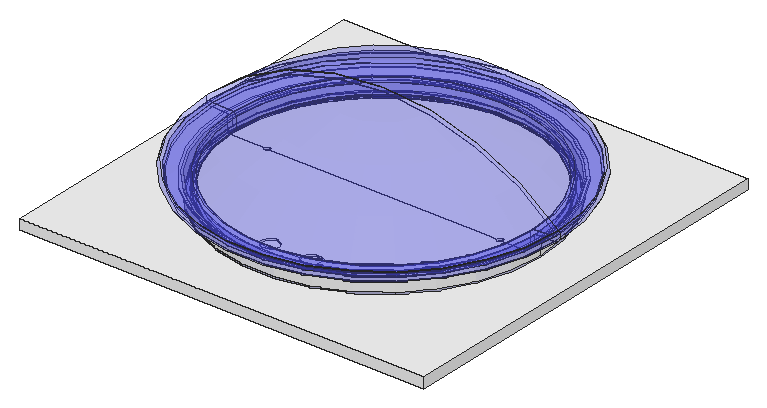
Revit family "BE_12141_de_DE", category Leuchten, Revit 2020
Family settings
  Basisbauteil = Fläche
  Bemaßung runder Anschluss = Durchmesser verwenden
  Teiletyp = Normal
  Beim Laden mit Abzugskörper schneiden = Ja
  Lichtquelle = Ja
  Gemeinsam genutzt = Nein
  Raumberechnungspunkt = Ja
Parameters (values of type "BEGA_12141_K3")
  built-in parameter 1150104 = 12.124 (stored number, unit not read)
  Wattage = 26.9 W
  Default Elevation = 0 mm
  built-in parameter 1150113 = 1 (stored number, unit not read)
  built-in parameter 1114218 = 1 (stored number, unit not read)
  Umgebungstemperatur = "25 °C"
  URL = "https://www.bega.com/de/produkt/12141"
  Typenkommentare = "© 2022 BEGA. Wir behalten uns das Recht vor, technische Änderungen ohne vorherige Ankündigung vorzunehmen."  # constant formula
  built-in parameter 1150134 = 12
  built-in parameter 1150109 = 1 (stored number, unit not read)
  Strom = ""
  built-in parameter 1150110 = 1 (stored number, unit not read)
  Spannung = 239.996 V
  Sonderanfertigung = no
  Seriennummer [instance] = "Hier können Sie die eindeutige Seriennummer für das Facility Management eintragen."
  Schutzklasse = "I"
  Schutzart = "IP 20"
  Scheinlast = 0 VA
  Produktdatenblatt = "http://www.bega.de/download/Xrfa/db/12141.db.de.pdf"
  Oberflächentemperatur = ""
  Neigungswinkel = 0.00°
  Model = "12141K4"
  Material_17 = BEGA_Reflektor
  Material_15 = BEGA_Leuchtmedium_matt
  Material_11 = BEGA_Glas_opal
  Material_09 = BEGA_Glas_klar
  Material_06 = BEGA_Oberfläche_Edelstahl_gebürstet
  Material_03 = BEGA_Oberfläche_Weiss_matt
  Material_02 = BEGA_Oberfläche_Silber_matt
  Material_01 [instance] = BEGA_Oberfläche_Grafit_matt
  M_W = no
  M_G = no
  M_A = no
  Logo = 0
  built-in parameter 1114217 = 1 (stored number, unit not read)
  built-in parameter 1150139 = (empty or 0)
  built-in parameter 1150105 = 984.85 (stored number, unit not read)
  built-in parameter 1150114 = 1 (stored number, unit not read)
  Lumens = 3510.45 lm
  built-in parameter 1150115 = 1 (stored number, unit not read)
  Leuchtenlichtstrom = "2296 lm"
  Leuchtenanzahl = ""
  Lebensdauerkriterien = "L70B50 @ 25 °C = 171000 h"
  Lastklassifizierung = Beleuchtung
  built-in parameter 1150112 = 1 (stored number, unit not read)
  Lampenlichtstrom = "3510 lm"
  Lamp = "LED 26.9 W"
  LED_Modulbezeichnung = "LED-0510/940"
  Hersteller = "BEGA"  # constant formula
  Halbstreuwinkel = ""
  Gewicht = "2.75 kg"
  Gebrauchslageneinschränkung [instance] = ""
  Frequenz = "0/50-60 Hz"
  Farbwiedergabeindex = "CRI > 90"
  Farbtemperaturverschiebung bei Dämpfen der Lampe = <Keine Auswahl>
  Farbtemperatur = "4000 K"
  Color Filter = 16777215
  built-in parameter 1150133 = 10 (stored number, unit not read)
  Energieeffizienzklasse = "LED A++ - A"
  built-in parameter 1150137 = (empty or 0)
  built-in parameter 1150132 = (empty or 0)
  ENEC = "ja"
  Dimmbar [instance] = "DALI"
  Photometric Web File = "BE_12141K4.IES"
  CE_Konformität = "ja"
  Bestellnummer = "12141K4"
  Beschreibung_Sonderanfertigung = "Hier können Sie Informationen zur Sonderanfertigung eintragen."
  Beschreibung = "Decken- und Wandleuchte"
  built-in parameter 1150106 = 9.8485 (stored number, unit not read)
  Befestigungsbohrung = "Ø 5,5 mm"
  Befestigungsabstand = "230 mm"
  Ballwurfsicher = ""
  BEGA_Intern_aus = yes
  BEGA_Intern_an = yes
  BEGA_Intern_Konstruktion = yes
  BEGA_Intern = yes
  BEGA_IES = yes
  BEGA_Dummy = no
  Anschlussleitung = ""
  Anschlussleistung [instance] = "30 W"
  Anschlusskasten = ""
  built-in parameter 1150107 = 4000 (stored number, unit not read)
  built-in parameter 1150102 = (empty or 0)
  built-in parameter 1150138 = (empty or 0)
  Aktualisierung = "2020-07-27T04:00:12"
  Abstand_zur_angestrahlten_Fläche [instance] = ""
  AC/DC = "AC/DC"
Types (2, lengths in mm): name | built-in parameter 1150104 | built-in parameter 1150134 | Model | built-in parameter 1150105 | Lumens | Leuchtenlichtstrom | Lampenlichtstrom | LED_Modulbezeichnung | Farbtemperatur | Photometric Web File | Bestellnummer | built-in parameter 1150106 | built-in parameter 1150107
  BEGA_12141_K3 | 11.687 (stored number, unit not read) | (empty or 0) | "12141K3" | 949.36 (stored number, unit not read) | 3384.02 lm | "2598 lm" | "3970 lm" | "LED-0510/930" | "3000 K" | "BE_12141K3.IES" | "12141K3" | 9.4936 (stored number, unit not read) | 3000 (stored number, unit not read)
  BEGA_12141_K27 | 12.124 (stored number, unit not read) | 12 | "12141K27" | 984.85 (stored number, unit not read) | 3510.45 lm | "2516 lm" | "3845 lm" | "LED-0510/927" | "2700 K" | "BE_12141K27.IES" | "12141K27" | 9.8485 (stored number, unit not read) | 4000 (stored number, unit not read)
Reference planes
  plane 1 "Mitte (Vorne/Hinten)": y = 0
  plane 2: z = 0
  plane 3 "Mitte (Links/Rechts)": x = 0
  plane 4 "Links": x = -175.231
  plane 5 "Rechts": x = 175.231
  plane 6 "Unten": y = -175.2
  plane 7 "Oben": y = 175.2
  plane 8 "Vorne": z = 98.4
  plane 9 "Hinten": z = 0
Forms (mm)
  Extrusion 1, solid, material "BEGA_Platte_Weiss"
    sketch origin (0, -1119.2, 0) x (1, 0, 0) y (0, 1, 0)
      loop
        line (-200, 1319.2) -> (-200, 919.2) -> (200, 919.2) -> (200, 1319.2) -> (-200, 1319.2)
    from 0 to -10
  Extrusion 2, solid, material "BEGA_Dummy_matt", visible <- "BEGA_Dummy"
    sketch origin (77.149, -76.023, 0) x (1, 0, 0) y (0, 1, 0)
      loop
        circle (-77.149, 76.023) r 175
    from 0 to 98.4
Dimensions and locks
  plane 1 "Mitte (Vorne/Hinten)" to Extrusion 1 = 200 mm
  aligned and locked: plane 2 to Extrusion 1
  aligned and locked: level to Extrusion 1
Nested families
  nested 1: "BE_12141" at (0, 0, 0) x (0, -1, 0) z (0, 0, 1), type "BE_12141"
Connectors
  electrical at (0, 0, 0), driven by "Lastklassifizierung", driven by "Spannung", driven by "Scheinlast"
    settings: index 1, voltage 239.996 V, apparent load 0 VA, apparent load phase1 0 VA, apparent load phase2 0 VA, apparent load phase3 0 VA, power factor 1, load classification "Beleuchtung", number of poles 1, system type 31, power factor state 1, is connector primary yes, connector utility no, sub classification motor no, connector description ""
Definition of nested family "BE_12141"
  Parameters (values of type "BE_12141")
    Default Elevation = 1 mm
    URL = "http://www.bega.de/de/produkt"
    Type Comments = "© 2015 BEGA. Wir behalten uns das Recht vor, technische Änderungen ohne vorherige Ankündigung vorzunehmen. "  # constant formula
    Type Image = (empty or 0)
    Neigungswinkel_um_Z2 = 0.00°
    Neigungswinkel_um_Z1 = 0.00°
    Neigungswinkel_um_Y2 = 0.00°
    Neigungswinkel_um_Y1 = 0.00°
    Neigungswinkel_um_X2 = 0.00°
    Neigungswinkel_um_X1 = 0.00°
    Material_17 = none
    Material_15 = none
    Material_11 = none
    Material_09 = none
    Material_06 = none
    Material_05 = none
    Material_03 = none
    Material_02 = none
    Material_01 = none
    M_W = yes
    M_G = yes
    M_A = yes
    Länge_Platte = 500 mm  # constant formula
    Höhe_Platte = -10 mm  # constant formula
    Manufacturer = "BEGA"  # constant formula
    Drehwinkel_um_Z2 = 0.00°
    Drehwinkel_um_Z1 = 0.00°
    Breite_Platte = 500 mm  # constant formula
  Reference planes
    plane 1 "Mitte (Oben/Unten)": y = 0
    plane 2: z = 0
    plane 3 "Mitte (Links/Rechts)": x = 0
    plane 4: y = 175.231
    plane 5: z = 98.4
    plane 6: y = -175.231
    plane 7: x = -175.2
    plane 8: x = 175.2
  Forms (mm)
    Extrusion 1, solid, detail levels medium
      sketch origin (0, 0, 0) x (1, 0, 0) y (0, 1, 0)
        loop
          line (-250, 250) -> (-250, -250) -> (250, -250) -> (250, 250) -> (-250, 250)
      from 0 to -10 <- "Höhe_Platte"
    Revolve 2, solid, material <- "Material_03", detail levels medium+fine
      sketch origin (0, 0, 0) x (0, 1, 0) y (0, 0, 1)
        loop
          line (159, 19.8) -> (159, 20.8) -> (156.831, 20.8)
          arc (156.831, 20.8) -> (155.563, 20.284) -> (155.024, 19.025) r 1.8
          line (155.024, 19.025) -> (154.767, 4.283)
          arc (154.767, 4.283) -> (154.468, 3.587) -> (153.767, 3.3) r 1
          line (153.767, 3.3) -> (0, 3.3) -> (0, 2.3) -> (153.767, 2.3)
          arc (153.767, 2.3) -> (155.169, 2.873) -> (155.767, 4.265) r 2
          line (155.767, 4.265) -> (156.024, 19.01)
          arc (156.024, 19.01) -> (156.264, 19.571) -> (156.829, 19.8) r 0.8
          line (156.829, 19.8) -> (159, 19.8)
        axis (0, 2.3) -> (0, 20.8)
      angle from 0 to 360
    Revolve 3, solid, material <- "Material_03", detail levels medium+fine
      sketch origin (0, 0, 0) x (0, 1, 0) y (0, 0, 1)
        loop
          arc (124.13, 1.943) -> (124.474, 2.206) -> (124.896, 2.3) r 1
          line (124.896, 2.3) -> (125.896, 3.3) -> (117.75, 3.3) -> (117.75, 0) -> (121.108, 0)
          arc (121.108, 0) -> (122.369, 0.281) -> (123.395, 1.067) r 3
          line (123.395, 1.067) -> (124.13, 1.943)
        axis (115, 3.3) -> (115, 0)
      angle from 0 to 360
    Revolve 4, solid, material <- "Material_03", detail levels medium+fine
      sketch origin (0, 0, 0) x (0, -1, 0) y (0, 0, 1)
        loop
          arc (124.13, 1.943) -> (124.474, 2.206) -> (124.896, 2.3) r 1
          line (124.896, 2.3) -> (125.896, 3.3) -> (117.75, 3.3) -> (117.75, 0) -> (121.108, 0)
          arc (121.108, 0) -> (122.369, 0.281) -> (123.395, 1.067) r 3
          line (123.395, 1.067) -> (124.13, 1.943)
        axis (115, 3.3) -> (115, 0)
      angle from 0 to 360
    Extrusion 5, void
      sketch origin (0, 0, 0) x (1, 0, 0) y (0, 1, 0)
        loop
          circle (115, 20) r 8.5
        loop
          circle (115, -20) r 8.5
        loop
          circle (0, 115) r 2.75
        loop
          circle (0, -115) r 2.75
      from 1.096 to 7.205
    Revolve 6, solid, material <- "Material_11", detail levels medium+fine
      sketch origin (0, 0, 0) x (0, 1, 0) y (0, 0, 1)
        loop
          line (153.75, 4.9) -> (153.75, 8.389)
          arc (153.75, 8.389) -> (153.616, 8.889) -> (153.25, 9.256) r 1
          line (153.25, 9.256) -> (149.499, 11.421)
          arc (149.499, 11.421) -> (149.133, 11.787) -> (149, 12.287) r 1
          line (149, 12.287) -> (149, 19.451)
          arc (149, 19.451) -> (149.277, 20.142) -> (149.956, 20.45) r 1
          line (149.956, 20.45) -> (169.559, 21.477)
          arc (169.559, 21.477) -> (174.894, 25.484) -> (173.228, 31.944) r 6
          arc (173.228, 31.944) -> (92.769, 81.216) -> (0, 98.4) r 258.999
          line (0, 98.4) -> (0, 94.4)
          arc (0, 94.4) -> (91.33, 77.483) -> (170.543, 28.978) r 255
          arc (170.543, 28.978) -> (171.123, 26.82) -> (169.341, 25.472) r 2
          line (169.341, 25.472) -> (148.791, 24.394)
          arc (148.791, 24.394) -> (146.425, 23.461) -> (145.1, 21.289) r 4
          line (145.1, 21.289) -> (145.1, 11.074)
          arc (145.1, 11.074) -> (145.5, 9.577) -> (146.592, 8.479) r 3.001
          line (146.592, 8.479) -> (148.263, 7.514)
          arc (148.263, 7.514) -> (149.358, 6.407) -> (149.75, 4.9) r 3.002
          line (149.75, 4.9) -> (153.75, 4.9)
        axis (0, 98.4) -> (0, 4.9)
      angle from 0 to 360
  Cuts and joins
    Extrusion 5 cuts Revolve 2
    Extrusion 5 cuts Revolve 3
    Extrusion 5 cuts Revolve 4
    joined: Revolve 2, Revolve 3, Revolve 4
  Dimensions and locks
    equal spacing: Extrusion 1 sketch curve, plane 3 "Mitte (Links/Rechts)", Extrusion 1 sketch curve
    equal spacing: Extrusion 1 sketch curve, plane 1 "Mitte (Oben/Unten)", Extrusion 1 sketch curve
    "Länge_Platte": Extrusion 1 sketch curve to Extrusion 1 sketch curve
    "Breite_Platte": Extrusion 1 sketch curve to Extrusion 1 sketch curve
    aligned and locked: Extrusion 1 to plane 2
    aligned and locked: level to Extrusion 1
  Automatic sketch dimensions
    Revolve 3 sketch curve to level = 0 mm
    level to Revolve 3 sketch curve = 3.3 mm
    Revolve 3 sketch curve to Revolve 3 sketch curve = 3.351 mm
    Revolve 3 sketch curve to Revolve 3 sketch curve = 0.007 mm
    level to Revolve 3 sketch curve = 1.067 mm
    Revolve 3 sketch curve to Revolve 3 sketch curve = 2.287 mm
    level to Revolve 3 sketch curve = 2.3 mm
    Revolve 3 sketch curve to Revolve 3 sketch curve = 1.501 mm
    Revolve 3 sketch curve to Revolve 3 sketch curve = 0 mm  (x2)
    Revolve 3 sketch curve to Revolve 3 sketch curve = 1 mm  (x2)
    Revolve 3 sketch curve to Revolve 3 sketch curve = 2.75 mm
    level to Revolve 3 sketch curve = 1.943 mm
    Revolve 3 sketch curve to Revolve 3 sketch curve = 0.766 mm
    Revolve 3 sketch curve to level = 2.001 mm
    Revolve 3 sketch curve to Revolve 3 sketch curve = 2 mm
    Revolve 4 sketch curve to level = 0 mm
    Revolve 4 sketch curve to level = 3.3 mm
    Revolve 4 sketch curve to Revolve 4 sketch curve = 3.351 mm
    Revolve 4 sketch curve to Revolve 4 sketch curve = 0.007 mm
    Revolve 4 sketch curve to level = 1.067 mm
    Revolve 4 sketch curve to Revolve 4 sketch curve = 2.287 mm
    Revolve 4 sketch curve to level = 2.3 mm
    Revolve 4 sketch curve to Revolve 4 sketch curve = 1.501 mm
    Revolve 4 sketch curve to Revolve 4 sketch curve = 0 mm  (x2)
    Revolve 4 sketch curve to Revolve 4 sketch curve = 1 mm  (x2)
    Revolve 4 sketch curve to Revolve 4 sketch curve = 2.75 mm
    Revolve 4 sketch curve to level = 1.943 mm
    Revolve 4 sketch curve to Revolve 4 sketch curve = 0.766 mm
    level to Revolve 4 sketch curve = 2.001 mm
    Revolve 4 sketch curve to Revolve 4 sketch curve = 2 mm
    Revolve 3 sketch curve to plane 1 "Mitte (Oben/Unten)" = 117.75 mm
    Revolve 4 sketch curve to plane 1 "Mitte (Oben/Unten)" = 117.75 mm
    Revolve 2 sketch curve to Revolve 2 sketch curve = 0 mm  (x11)
    Revolve 2 sketch curve to plane 1 "Mitte (Oben/Unten)" = 0 mm  (x2)
    level to Revolve 2 sketch curve = 4.3 mm
    level to Revolve 2 sketch curve = 4.283 mm
    Revolve 2 sketch curve to Revolve 2 sketch curve = 1 mm  (x4)
    Revolve 2 sketch curve to Revolve 2 sketch curve = 0.257 mm
    Revolve 2 sketch curve to Revolve 2 sketch curve = 0.8 mm
    Revolve 2 sketch curve to Revolve 2 sketch curve = 0.004 mm
    Revolve 2 sketch curve to Revolve 2 sketch curve = 0.002 mm
    Revolve 2 sketch curve to Revolve 2 sketch curve = 2.169 mm
    Revolve 2 sketch curve to Revolve 2 sketch curve = 14.717 mm
    Revolve 2 sketch curve to Revolve 2 sketch curve = 0.01 mm
    Revolve 2 sketch curve to Revolve 2 sketch curve = 0.015 mm
    level to Revolve 2 sketch curve = 4.265 mm
    Revolve 2 sketch curve to Revolve 2 sketch curve = 4 mm
    Revolve 6 sketch curve to Revolve 6 sketch curve = 0 mm  (x13)
    Revolve 6 sketch curve to plane 1 "Mitte (Oben/Unten)" = 0 mm  (x3)
    plane 1 "Mitte (Oben/Unten)" to Revolve 6 sketch curve = 0 mm
    level to Revolve 6 sketch curve = 8.479 mm
    Revolve 6 sketch curve to Revolve 6 sketch curve = 1.492 mm
    Revolve 6 sketch curve to Revolve 6 sketch curve = 0.156 mm
    Revolve 6 sketch curve to Revolve 6 sketch curve = 1.509 mm
    level to Revolve 6 sketch curve = 7.514 mm
    Revolve 6 sketch curve to Revolve 6 sketch curve = 1.671 mm
    Revolve 6 sketch curve to Revolve 6 sketch curve = 3.9 mm
    level to Revolve 6 sketch curve = 11.421 mm
    Revolve 6 sketch curve to Revolve 6 sketch curve = 1.397 mm
    Revolve 6 sketch curve to Revolve 6 sketch curve = 3.001 mm
    Revolve 6 sketch curve to Revolve 6 sketch curve = 0.956 mm
    Revolve 6 sketch curve to Revolve 6 sketch curve = 0.044 mm
    Revolve 6 sketch curve to Revolve 6 sketch curve = 0.501 mm
    Revolve 6 sketch curve to Revolve 6 sketch curve = 3.251 mm
    Revolve 6 sketch curve to Revolve 6 sketch curve = 1 mm
    Revolve 6 sketch curve to Revolve 6 sketch curve = 19.275 mm
    level to Revolve 6 sketch curve = 25.472 mm
    Revolve 6 sketch curve to Revolve 6 sketch curve = 0.11 mm
    level to Revolve 6 sketch curve = 21.477 mm
    Revolve 6 sketch curve to Revolve 6 sketch curve = 0.219 mm
    Revolve 6 sketch curve to Revolve 6 sketch curve = 2.591 mm
    Revolve 6 sketch curve to level = 160.599 mm
    Revolve 6 sketch curve to Revolve 6 sketch curve = 3.489 mm
    Revolve 6 sketch curve to Revolve 6 sketch curve = 0.348 mm
    Revolve 6 sketch curve to Revolve 6 sketch curve = 0.866 mm  (x2)
    Revolve 6 sketch curve to Revolve 6 sketch curve = 7.164 mm
    Revolve 6 sketch curve to Revolve 6 sketch curve = 0.949 mm
    Revolve 6 sketch curve to Revolve 6 sketch curve = 0.05 mm
    Revolve 6 sketch curve to Revolve 6 sketch curve = 0.889 mm
    Revolve 6 sketch curve to Revolve 6 sketch curve = 1.997 mm
    level to Revolve 6 sketch curve = 94.4 mm
    Revolve 6 sketch curve to Revolve 6 sketch curve = 4 mm
    Revolve 6 sketch curve to Revolve 6 sketch curve = 0.209 mm
    Revolve 6 sketch curve to Revolve 6 sketch curve = 0.499 mm
    Revolve 6 sketch curve to Revolve 6 sketch curve = 0.5 mm
    level to Revolve 6 sketch curve = 9.256 mm
    Revolve 6 sketch curve to Revolve 6 sketch curve = 0.07 mm
    Extrusion 5 sketch curve to plane 3 "Mitte (Links/Rechts)" = 0 mm  (x2)
    plane 1 "Mitte (Oben/Unten)" to Extrusion 5 sketch curve = 20 mm
    Extrusion 5 sketch curve to plane 1 "Mitte (Oben/Unten)" = 20 mm
    plane 3 "Mitte (Links/Rechts)" to Extrusion 5 sketch curve = 115 mm
    Extrusion 5 sketch curve to Extrusion 5 sketch curve = 0 mm
    Revolve 2 sketch curve to plane 1 "Mitte (Oben/Unten)" = 153.767 mm
    Extrusion 5 sketch curve to plane 1 "Mitte (Oben/Unten)" = 115 mm
    Revolve 6 sketch curve to plane 1 "Mitte (Oben/Unten)" = 145.1 mm
    plane 1 "Mitte (Oben/Unten)" to Extrusion 5 sketch curve = 115 mm
    Revolve 6 sketch curve to Revolve 6 sketch curve = 26.07 mm
    radius of Extrusion 5 sketch curve = 8.5 mm  (x2)
    radius of Extrusion 5 sketch curve = 2.75 mm  (x2)
